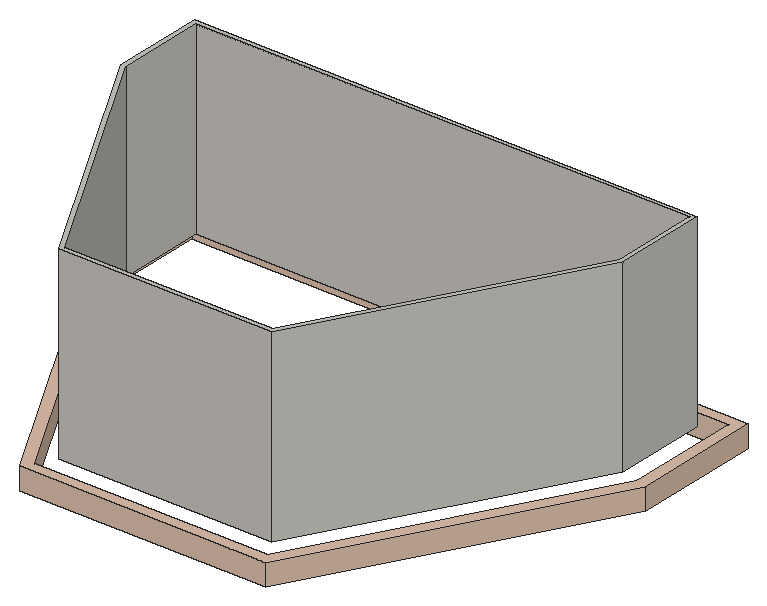
Revit family "FW-PLY-Foundation Cap-Type 2", category Site, Revit 2017
Family settings
  Round Connector Dimension = Use Diameter
  Part Type = Normal
  Work Plane-Based = No
  Always vertical = Yes
  Cut with Voids When Loaded = No
  Shared = No
Parameters
  Width 1 [instance] = 960 mm
  Width [instance] = 2280 mm
  Length 2 [instance] = Length - Length 1  # 402.183 mm
  Length 1 [instance] = 1180 mm
  Length [instance] = 1582.183 mm
  LC thickness = 100 mm
  LC offset = 100 mm
  Height [instance] = 869.917 mm
Reference planes
  plane 1 "Center (Front/Back)": y = 0
  plane 2: z = 0
  plane 3 "Center (Left/Right)": x = 0
  plane 4: y = 791.092
  plane 5: x = -1140
  plane 6: y = -791.092
  plane 7: x = 1140
  plane 8 "f bottom": z = -869.917
  plane 9: y = 891.092
  plane 10: y = -891.092
  plane 11: x = -1240
  plane 12: x = 1240
  plane 13 "lc bottom": z = -969.917
  plane 14 "tri v 1": x = -480
  plane 15 "tri v 2": x = 480
  plane 16 "tr h": y = 388.908
Forms (mm)
  Extrusion 1, solid
    sketch origin (0, 0, -869.917) x (0, 1, 0) y (-1, 0, 0)
      loop
        line (791.092, 1140) -> (388.908, 1140) -> (-791.092, 480) -> (-791.092, -480) -> (388.908, -1140) -> (791.092, -1140) -> (791.092, 1140)
      loop
        line (383.695, 1160) -> (-811.092, 491.729) -> (-811.092, -491.729) -> (383.695, -1160) -> (811.092, -1160) -> (811.092, 1160) -> (383.695, 1160)
    from 0 to 869.917 <- "Height"
  Extrusion 2, solid
    sketch origin (0, 0, -969.917) x (0, 1, 0) y (-1, 0, 0)
      loop
        line (349.809, 1290) -> (-941.092, 567.971) -> (-941.092, -567.971) -> (349.809, -1290) -> (941.092, -1290) -> (941.092, 1290) -> (349.809, 1290)
      loop
        line (362.842, 1240) -> (-891.092, 538.647) -> (-891.092, -538.647) -> (362.842, -1240) -> (891.092, -1240) -> (891.092, 1240) -> (362.842, 1240)
    from 0 to 100 <- "LC thickness"
Lines and regions (mm)
  reference lines
    curve 1: line (-1140, 388.908, 0) -> (-480, -791.092, 0)
    curve 2: line (1140, 388.908, 0) -> (480, -791.092, 0)
Dimensions and locks
  equal spacing: plane 4, plane 1 "Center (Front/Back)", plane 6
  equal spacing: plane 5, plane 3 "Center (Left/Right)", plane 7
  "Width": plane 5 to plane 7
  "Length": plane 4 to plane 6
  "Height": plane 8 "f bottom" to level
  "LC offset": plane 7 to plane 12
  "LC offset": plane 9 to plane 4
  "LC offset": plane 11 to plane 5
  "LC offset": plane 6 to plane 10
  "LC thickness": plane 13 "lc bottom" to plane 8 "f bottom"
  equal spacing: plane 14 "tri v 1", plane 3 "Center (Left/Right)", plane 15 "tri v 2"
  "LC offset": Extrusion 2 sketch curve to curve 1
  "LC offset": curve 2 to Extrusion 2 sketch curve
  Extrusion 2 sketch curve to plane 11 = 50 mm
  plane 9 to Extrusion 2 sketch curve = 50 mm
  plane 12 to Extrusion 2 sketch curve = 50 mm
  plane 10 to Extrusion 2 sketch curve = 50 mm
  Extrusion 1 sketch curve to curve 2 = 20 mm
  Extrusion 1 sketch curve to curve 1 = 20 mm
  locked: Extrusion 2 sketch curve to curve 2 at 150
  locked: Extrusion 2 sketch curve to curve 1 at 150
  "Length 1": plane 16 "tr h" to plane 6
  plane 4 to plane 16 "tr h" = 402.183 mm
  "Width 1": plane 14 "tri v 1" to plane 15 "tri v 2"
  aligned and locked: level to plane 2
  aligned and locked: plane 14 "tri v 1" to curve 1
  aligned and locked: plane 15 "tri v 2" to curve 2
  aligned and locked: plane 5 to curve 1
  aligned and locked: plane 7 to curve 2
Automatic sketch dimensions
  Extrusion 1 sketch curve to plane 4 = 0 mm
  Extrusion 1 sketch curve to plane 7 = 0 mm
  plane 4 to Extrusion 1 sketch curve = 20 mm
  Extrusion 1 sketch curve to plane 6 = 20 mm
  plane 7 to Extrusion 1 sketch curve = 20 mm
  Extrusion 1 sketch curve to plane 5 = 20 mm
  Extrusion 1 sketch curve to plane 6 = 0 mm
  Extrusion 1 sketch curve to plane 5 = 0 mm
  curve 1 to plane 6 = 0 mm
  curve 2 to plane 6 = 0 mm
  curve 1 to plane 16 "tr h" = 0 mm
  curve 2 to plane 16 "tr h" = 0 mm
  Extrusion 2 sketch curve to plane 11 = 0 mm
  Extrusion 2 sketch curve to plane 12 = 0 mm
  Extrusion 2 sketch curve to plane 9 = 0 mm
  plane 10 to Extrusion 2 sketch curve = 0 mm
  Extrusion 1 sketch curve to plane 16 "tr h" = 0 mm  (x2)
  Extrusion 1 sketch curve to plane 15 "tri v 2" = 0 mm
  Extrusion 1 sketch curve to plane 14 "tri v 1" = 0 mm
